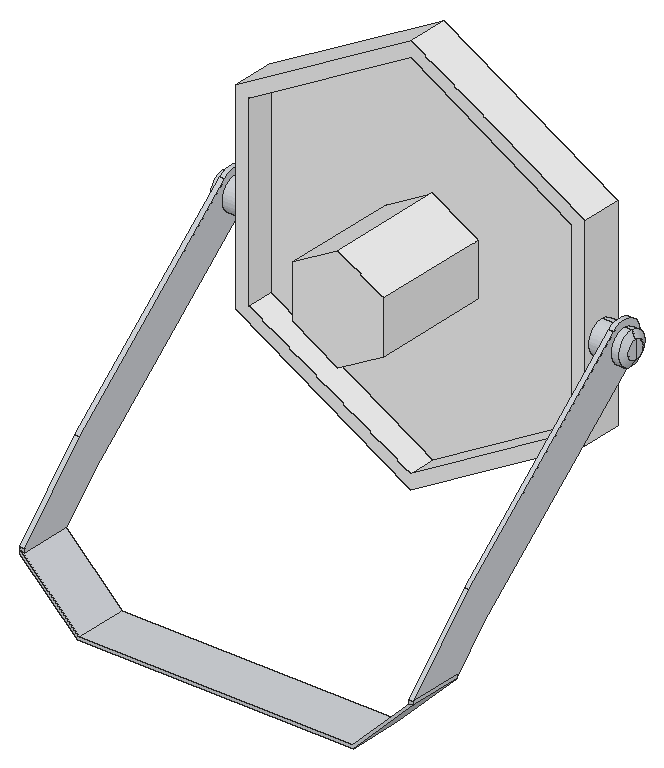
Revit family "Lighting-Floodlights-GEWISS-ESALITE-FL-LED_12K_DALI", category Apparecchi per illuminazione, host Superficie, Revit 2019 (continued)
Types (12, lengths in mm): name | Versions | Technical sheet | Optic | Nominal flux (lm) | built-in parameter 1150142 | Modello | Lumen output (lm) | IDT | File diagramma fotometrico | Descrizione | Colour temperature:
  GWS6423GD30K - ESALITE 12K 60° 3000K PRO+V GR.DALI | "3000K warm light" | "https://www.gewiss.com/ww/en/search?q=GWS6423GD30K" | "60°" | "14000" | "IESNA:LM-63-2002\r\n[TEST] GWS6423GD30K\r\n[TESTLAB] GEWISS\r\n[TESTDATE] 31 Aug 2018\r\n[ISSUEDATE] 31 Aug 2018\r\n[MANUFAC] GEWISS\r\n[LUMCAT] GWS6423GD30K\r\n[LUMINAIRE] ESALITE FL 12K+GLAS 60° GR. DALI LED830\r\n[FLASHAREA] 0.030706\r\n[LAMPCAT] LED 112W/3000K - 11100lm\r\n[LAMP] LED 112W/3000K - 11100lm\r\nTILT=NONE\r\n1 11100.00 1.0 39 19 1 2 -0.402 -0.402 0.000\r\n1.00 1.00 112.00\r\n0.00 1.00 2.00 3.00 4.00 5.00 6.00 7.00 8.00 9.00 10.00 \r\n11.00 12.00 13.00 14.00 15.00 16.00 17.00 18.00 19.00 \r\n20.00 22.50 25.00 27.50 30.00 32.50 35.00 37.50 40.00 \r\n45.00 50.00 55.00 60.00 65.00 70.00 75.00 80.00 85.00 \r\n90.00 \r\n0.00 5.00 10.00 15.00 20.00 25.00 30.00 35.00 40.00 45.00 \r\n50.00 55.00 60.00 65.00 70.00 75.00 80.00 85.00 90.00 \r\n8018.53 8007.76 7978.79 7947.49 7946.38 7996.11 8102.67 \r\n8245.30 8398.93 8576.64 8761.56 8954.92 9139.74 9339.21 \r\n9537.34 9751.24 9979.68 10223.88 10504.26 10794.19 \r\n11044.17 10790.09 8519.25 5176.60 3342.54 2126.87 1281.94 \r\n1147.63 1112.44 1026.93 895.06 824.11 746.97 671.54 \r\n581.35 610.86 435.31 99.65 2.80 \r\n8018.53 8009.09 7980.35 7949.93 7947.05 7998.10 8105.55 \r\n8247.74 8401.81 8582.41 8769.33 8963.58 9147.51 9345.31 \r\n9544.22 9758.79 9990.22 10235.98 10516.47 10807.74 \r\n11058.04 10794.53 8502.93 5152.62 3332.33 2113.88 1272.84 \r\n1139.53 1103.17 1004.02 876.91 817.69 742.20 666.30 \r\n577.26 606.94 438.07 101.04 2.78 \r\n8018.53 8008.43 7980.79 7949.60 7948.49 7998.88 8105.11 \r\n8247.97 8404.48 8582.08 8771.66 8964.80 9149.62 9347.64 \r\n9547.33 9762.12 9993.11 10240.30 10519.91 10813.18 \r\n11066.37 10810.51 8522.25 5169.94 3338.88 2124.65 1274.95 \r\n1141.08 1105.33 1002.51 874.61 817.68 742.80 666.73 \r\n576.61 602.84 441.56 91.10 2.77 \r\n8018.53 8007.10 7981.01 7948.15 7946.38 7996.22 8100.67 \r\n8243.86 8399.92 8579.63 8767.78 8961.36 9145.29 9341.87 \r\n9541.00 9753.46 9985.34 10231.09 10510.92 10804.74 \r\n11059.60 10807.40 8515.36 5167.27 3342.76 2133.09 1280.72 \r\n1147.07 1112.66 1010.99 883.70 824.15 748.71 670.46 \r\n576.13 588.60 420.07 92.84 2.78 \r\n8018.53 8008.32 7981.90 7950.60 7949.26 8000.21 8105.77 \r\n8250.30 8406.92 8587.63 8777.21 8968.13 9151.84 9348.09 \r\n9546.78 9758.56 9989.67 10235.75 10515.36 10813.18 \r\n11072.58 10814.84 8504.04 5159.61 3342.99 2129.76 1274.72 \r\n1141.86 1111.89 1037.51 899.57 830.48 741.66 667.07 \r\n571.58 566.17 367.70 80.75 2.69 \r\n8018.53 8005.99 7978.79 7947.38 7944.49 7994.89 8098.67 \r\n8241.75 8399.81 8579.75 8768.11 8958.25 9141.74 9336.65 \r\n9534.68 9744.80 9974.90 10221.99 10504.15 10805.07 \r\n11066.92 10818.95 8511.70 5172.27 3352.87 2138.97 1282.49 \r\n1148.96 1121.54 1059.01 913.44 837.12 743.30 671.45 \r\n570.97 559.90 356.61 63.39 2.67 \r\n8018.53 8008.87 7981.12 7950.26 7947.27 7997.22 8102.67 \r\n8245.52 8404.14 8585.07 8773.22 8963.92 9147.29 9340.87 \r\n9536.34 9745.02 9975.46 10225.76 10508.59 10809.62 \r\n11072.80 10818.50 8499.82 5165.94 3347.20 2135.31 1278.94 \r\n1146.19 1117.88 1038.25 901.43 832.44 740.71 668.64 \r\n568.23 558.67 362.70 62.35 2.57 \r\n8018.53 8009.65 7983.12 7951.82 7948.38 7999.44 8106.11 \r\n8251.52 8410.80 8592.95 8780.43 8972.13 9154.17 9345.87 \r\n9541.23 9748.69 9980.45 10229.09 10515.14 10816.84 \r\n11080.13 10825.72 8499.27 5169.05 3351.42 2133.64 1278.39 \r\n1147.30 1121.77 1060.94 915.12 835.40 741.55 671.04 \r\n570.31 561.97 362.23 62.68 2.53 \r\n8018.53 8008.87 7980.57 7949.15 7944.94 7996.77 8104.78 \r\n8249.52 8412.47 8593.40 8782.88 8975.35 9156.28 9345.76 \r\n9538.78 9745.13 9976.13 10227.65 10512.48 10817.73 \r\n11085.68 10833.60 8505.49 5175.38 3358.42 2130.64 1274.39 \r\n1143.86 1116.88 1043.04 904.11 831.71 741.34 669.25 \r\n574.05 569.16 376.37 76.68 2.39 \r\n8018.53 8011.43 7983.23 7952.04 7947.93 7999.33 8106.55 \r\n8255.18 8418.80 8600.39 8790.98 8981.56 9161.27 9349.97 \r\n9540.56 9744.36 9975.24 10225.32 10510.26 10813.84 \r\n11080.35 10825.83 8488.50 5161.06 3357.86 2128.31 1270.73 \r\n1141.19 1109.81 1006.97 879.48 816.72 740.94 667.20 \r\n576.80 591.54 414.27 91.71 2.27 \r\n8018.53 8011.31 7984.67 7951.37 7948.27 7999.66 8109.88 \r\n8259.40 8424.01 8609.94 8803.08 8993.22 9173.71 9361.52 \r\n9551.00 9755.12 9987.00 10236.53 10522.91 10828.83 \r\n11095.89 10839.59 8493.05 5163.05 3369.85 2135.86 1276.83 \r\n1147.41 1114.88 1008.37 880.52 819.36 741.97 668.82 \r\n582.35 609.62 442.05 88.47 2.14 \r\n8018.53 8011.31 7981.79 7949.71 7945.60 7997.66 8107.88 \r\n8258.51 8424.79 8613.49 8806.30 8996.11 9177.48 9365.40 \r\n9555.21 9757.12 9988.11 10236.64 10522.58 10828.49 \r\n11096.11 10841.81 8498.27 5170.27 3376.84 2138.08 1276.17 \r\n1147.30 1114.99 1010.53 883.10 820.22 741.50 668.04 \r\n582.23 611.57 437.56 97.85 1.97 \r\n8018.53 8010.09 7981.79 7949.15 7943.60 7995.33 8106.00 \r\n8257.62 8425.68 8613.49 8807.41 8997.22 9177.92 9364.07 \r\n9553.22 9753.13 9981.45 10229.54 10516.25 10825.27 \r\n11095.23 10823.50 8473.41 5149.40 3375.18 2130.64 1271.73 \r\n1143.97 1113.88 1025.94 893.26 817.80 738.56 667.08 \r\n581.88 613.95 429.31 95.78 1.79 \r\n8018.53 8010.20 7983.01 7950.49 7945.16 8000.10 8111.21 \r\n8262.62 8432.78 8621.48 8815.73 9007.43 9187.80 9374.17 \r\n9563.54 9766.78 9994.77 10243.30 10532.12 10844.48 \r\n11116.65 10833.27 8482.62 5154.62 3384.39 2129.98 1269.84 \r\n1142.86 1111.11 1008.78 879.60 814.83 738.28 665.41 \r\n580.95 609.70 437.54 96.90 1.61 \r\n8018.53 8010.20 7982.56 7948.82 7944.71 7997.77 8107.55 \r\n8262.40 8431.67 8621.37 8817.73 9009.76 9189.80 9376.50 \r\n9563.76 9764.89 9992.55 10240.08 10530.35 10842.26 \r\n11116.65 10835.26 8484.51 5151.07 3387.50 2124.65 1262.85 \r\n1137.53 1105.38 1005.53 875.72 813.09 737.92 664.91 \r\n579.73 605.88 444.80 88.13 1.41 \r\n8018.53 8008.87 7981.79 7946.82 7942.60 7995.66 8107.77 \r\n8263.40 8433.34 8624.48 8819.73 9014.42 9195.24 9383.94 \r\n9571.97 9775.66 10003.54 10249.52 10544.89 10860.13 \r\n11134.41 10852.58 8504.15 5166.05 3403.70 2131.64 1260.63 \r\n1135.42 1102.47 1008.57 878.28 813.72 738.55 665.43 \r\n574.48 588.17 415.11 91.82 1.23 \r\n8018.53 8010.76 7982.45 7945.82 7942.83 7996.55 8108.55 \r\n8263.28 8434.22 8624.37 8818.73 9012.42 9191.80 9378.28 \r\n9565.42 9770.66 10001.10 10249.74 10542.78 10854.47 \r\n11125.53 10831.27 8484.95 5152.29 3406.81 2127.98 1254.63 \r\n1132.42 1104.44 1043.98 898.60 826.98 736.17 667.98 \r\n571.33 563.25 390.23 76.39 1.08 \r\n8018.53 8012.53 7984.12 7947.82 7945.38 7999.66 8109.66 \r\n8266.73 8437.00 8629.81 8823.72 9018.31 9196.57 9383.27 \r\n9571.86 9776.66 10005.65 10255.84 10548.33 10862.57 \r\n11133.30 10842.15 8496.27 5157.95 3412.14 2130.64 1256.19 \r\n1134.86 1108.79 1063.41 912.40 832.37 735.87 670.50 \r\n571.72 557.99 378.27 63.08 0.98 \r\n8018.53 8011.20 7983.12 7945.27 7942.72 7995.11 8107.33 \r\n8263.62 8435.78 8627.59 8821.84 9016.09 9193.13 9380.05 \r\n9568.20 9773.44 10003.10 10251.07 10544.22 10859.35 \r\n11131.08 10842.37 8513.03 5172.27 3419.02 2135.42 1261.74 \r\n1140.08 1113.33 1042.90 906.43 832.52 739.82 671.05 \r\n569.06 551.78 352.50 63.84 0.95 \r\n" | "GWS6423GD30K" | "11100" | "e54bb8db7f6148bb8b6b40bbaf769a9b" | "GWS6423GD30K.IES" | "ESALITE 12K 60° 3000K PRO+V GR.DALI" | "3000 K (CRI>80)"
  GWS6423GD57K - ESALITE 12K 60° 5700K PRO+V GR.DALI | "5700K cold light" | "https://www.gewiss.com/ww/en/search?q=GWS6423GD57K" | "60°" | "15000" | "IESNA:LM-63-2002\r\n[TEST] GWS6423GD57K\r\n[TESTLAB] GEWISS\r\n[TESTDATE] 31 Aug 2018\r\n[ISSUEDATE] 31 Aug 2018\r\n[MANUFAC] GEWISS\r\n[LUMCAT] GWS6423GD57K\r\n[LUMINAIRE] ESALITE FL 12K+GLAS 60° GR. DALI LED857\r\n[FLASHAREA] 0.030706\r\n[LAMPCAT] LED 112W/5700K - 11900lm\r\n[LAMP] LED 112W/5700K - 11900lm\r\nTILT=NONE\r\n1 11900.00 1.0 39 19 1 2 -0.402 -0.402 0.000\r\n1.00 1.00 112.00\r\n0.00 1.00 2.00 3.00 4.00 5.00 6.00 7.00 8.00 9.00 10.00 \r\n11.00 12.00 13.00 14.00 15.00 16.00 17.00 18.00 19.00 \r\n20.00 22.50 25.00 27.50 30.00 32.50 35.00 37.50 40.00 \r\n45.00 50.00 55.00 60.00 65.00 70.00 75.00 80.00 85.00 \r\n90.00 \r\n0.00 5.00 10.00 15.00 20.00 25.00 30.00 35.00 40.00 45.00 \r\n50.00 55.00 60.00 65.00 70.00 75.00 80.00 85.00 90.00 \r\n8596.44 8584.90 8553.84 8520.28 8519.09 8572.40 8686.64 \r\n8839.56 9004.25 9194.77 9393.03 9600.33 9798.46 10012.30 \r\n10224.72 10454.03 10698.93 10960.73 11261.33 11572.16 \r\n11840.14 11567.75 9133.25 5549.68 3583.45 2280.16 1374.33 \r\n1230.34 1192.62 1100.94 959.57 883.50 800.81 719.94 \r\n623.25 654.88 466.68 106.83 3.00 \r\n8596.44 8586.33 8555.51 8522.90 8519.81 8574.55 8689.74 \r\n8842.18 9007.35 9200.96 9401.36 9609.61 9806.79 10018.85 \r\n10232.10 10462.12 10710.24 10973.70 11274.42 11586.67 \r\n11855.02 11572.51 9115.76 5523.98 3572.50 2266.24 1364.57 \r\n1221.65 1182.68 1076.38 940.11 876.63 795.69 714.32 \r\n618.86 650.68 469.65 108.32 2.98 \r\n8596.44 8585.61 8555.98 8522.54 8521.35 8575.38 8689.26 \r\n8842.41 9010.20 9200.60 9403.86 9610.92 9809.05 10021.35 \r\n10235.43 10465.69 10713.33 10978.34 11278.11 11592.50 \r\n11863.94 11589.65 9136.46 5542.54 3579.52 2277.78 1366.83 \r\n1223.32 1184.99 1074.76 937.65 876.61 796.34 714.79 \r\n618.17 646.29 473.38 97.67 2.97 \r\n8596.44 8584.18 8556.22 8520.99 8519.09 8572.52 8684.50 \r\n8838.01 9005.33 9197.99 9399.69 9607.23 9804.41 10015.16 \r\n10228.65 10456.41 10705.00 10968.47 11268.47 11583.46 \r\n11856.68 11586.32 9129.08 5539.69 3583.68 2286.82 1373.02 \r\n1229.75 1192.86 1083.85 947.39 883.55 802.67 718.78 \r\n617.66 631.02 450.34 99.53 2.98 \r\n8596.44 8585.49 8557.17 8523.61 8522.18 8576.81 8689.98 \r\n8844.91 9012.82 9206.55 9409.81 9614.49 9811.43 10021.82 \r\n10234.83 10461.89 10709.64 10973.47 11273.23 11592.50 \r\n11870.61 11594.29 9116.95 5531.48 3583.92 2283.25 1366.60 \r\n1224.15 1192.02 1112.28 964.40 890.33 795.11 715.14 \r\n612.78 606.97 394.20 86.57 2.89 \r\n8596.44 8582.99 8553.84 8520.16 8517.07 8571.09 8682.36 \r\n8835.75 9005.21 9198.11 9400.05 9603.90 9800.60 10009.57 \r\n10221.86 10447.13 10693.82 10958.71 11261.21 11583.82 \r\n11864.54 11598.69 9125.16 5545.04 3594.51 2293.13 1374.93 \r\n1231.77 1202.38 1135.33 979.27 897.45 796.87 719.84 \r\n612.12 600.25 382.31 67.96 2.86 \r\n8596.44 8586.09 8556.34 8523.26 8520.04 8573.59 8686.64 \r\n8839.80 9009.85 9203.82 9405.52 9609.96 9806.55 10014.09 \r\n10223.65 10447.37 10694.41 10962.76 11265.97 11588.70 \r\n11870.84 11598.22 9112.43 5538.26 3588.45 2289.20 1371.12 \r\n1228.79 1198.45 1113.08 966.40 892.44 794.10 716.83 \r\n609.18 598.94 388.84 66.84 2.76 \r\n8596.44 8586.92 8558.48 8524.92 8521.23 8575.97 8690.33 \r\n8846.22 9016.99 9212.27 9413.26 9618.77 9813.93 10019.44 \r\n10228.88 10451.29 10699.77 10966.33 11272.99 11596.43 \r\n11878.70 11605.95 9111.83 5541.59 3592.97 2287.42 1370.52 \r\n1229.98 1202.61 1137.40 981.07 895.61 794.99 719.40 \r\n611.41 602.47 388.33 67.20 2.71 \r\n8596.44 8586.09 8555.74 8522.07 8517.54 8573.12 8688.90 \r\n8844.08 9018.77 9212.74 9415.88 9622.22 9816.19 10019.32 \r\n10226.27 10447.49 10695.13 10964.78 11270.13 11597.38 \r\n11884.65 11614.40 9118.49 5548.38 3600.46 2284.20 1366.24 \r\n1226.30 1197.38 1118.22 969.27 891.66 794.77 717.49 \r\n615.42 610.18 403.49 82.20 2.57 \r\n8596.44 8588.83 8558.60 8525.16 8520.76 8575.85 8690.81 \r\n8850.15 9025.56 9220.24 9424.56 9628.89 9821.55 10023.85 \r\n10228.17 10446.65 10694.17 10962.28 11267.75 11593.22 \r\n11878.94 11606.07 9100.29 5533.02 3599.87 2281.71 1362.31 \r\n1223.44 1189.80 1079.54 942.86 875.58 794.34 715.29 \r\n618.37 634.17 444.13 98.32 2.43 \r\n8596.44 8588.71 8560.15 8524.45 8521.11 8576.21 8694.38 \r\n8854.67 9031.15 9230.47 9437.53 9641.38 9834.87 10036.22 \r\n10239.36 10458.20 10706.79 10974.30 11281.32 11609.28 \r\n11895.60 11620.83 9105.17 5535.17 3612.72 2289.80 1368.86 \r\n1230.10 1195.24 1081.04 943.98 878.41 795.44 717.02 \r\n624.32 653.56 473.91 94.84 2.30 \r\n8596.44 8588.71 8557.05 8522.66 8518.26 8574.07 8692.24 \r\n8853.72 9031.98 9234.28 9440.98 9644.47 9838.92 10040.39 \r\n10243.88 10460.34 10707.98 10974.42 11280.96 11608.93 \r\n11895.84 11623.21 9110.76 5542.90 3620.22 2292.18 1368.14 \r\n1229.98 1195.36 1083.36 946.75 879.34 794.94 716.19 \r\n624.19 655.64 469.10 104.90 2.12 \r\n8596.44 8587.40 8557.05 8522.07 8516.12 8571.57 8690.21 \r\n8852.77 9032.93 9234.28 9442.17 9645.66 9839.40 10038.96 \r\n10241.74 10456.05 10700.84 10966.80 11274.18 11605.48 \r\n11894.88 11603.57 9084.10 5520.53 3618.43 2284.20 1363.38 \r\n1226.41 1194.16 1099.88 957.64 876.74 791.79 715.15 \r\n623.82 658.20 460.26 102.68 1.92 \r\n8596.44 8587.52 8558.36 8523.49 8517.78 8576.69 8695.81 \r\n8858.12 9040.55 9242.85 9451.10 9656.61 9849.99 10049.79 \r\n10252.80 10470.69 10715.12 10981.56 11291.20 11626.06 \r\n11917.85 11614.04 9093.98 5526.12 3628.31 2283.49 1361.36 \r\n1225.22 1191.19 1081.48 942.99 873.56 791.49 713.37 \r\n622.82 653.64 469.07 103.88 1.73 \r\n8596.44 8587.52 8557.89 8521.71 8517.31 8574.19 8691.88 \r\n8857.88 9039.36 9242.73 9453.24 9659.11 9852.13 10052.29 \r\n10253.04 10468.67 10712.74 10978.11 11289.29 11623.68 \r\n11917.85 11616.18 9096.00 5522.31 3631.64 2277.78 1353.86 \r\n1219.51 1185.05 1078.00 938.84 871.69 791.10 712.83 \r\n621.51 649.55 476.86 94.48 1.52 \r\n8596.44 8586.09 8557.05 8519.57 8515.05 8571.93 8692.12 \r\n8858.95 9041.14 9246.06 9455.38 9664.11 9857.96 10060.26 \r\n10261.85 10480.21 10724.52 10988.22 11304.88 11642.84 \r\n11936.89 11634.75 9117.07 5538.38 3649.02 2285.28 1351.48 \r\n1217.25 1181.93 1081.26 941.58 872.37 791.78 713.39 \r\n615.88 630.56 445.02 98.43 1.32 \r\n8596.44 8588.11 8557.77 8518.50 8515.28 8572.88 8692.95 \r\n8858.84 9042.10 9245.94 9454.31 9661.97 9854.27 10054.19 \r\n10254.83 10474.86 10721.90 10988.46 11302.62 11636.77 \r\n11927.37 11611.90 9096.48 5523.62 3652.35 2281.35 1345.06 \r\n1214.04 1184.04 1119.22 963.36 886.59 789.23 716.12 \r\n612.50 603.84 418.36 81.90 1.16 \r\n8596.44 8590.02 8559.55 8520.64 8518.02 8576.21 8694.14 \r\n8862.52 9045.07 9251.77 9459.67 9668.27 9859.39 10059.55 \r\n10261.73 10481.28 10726.78 10995.01 11308.57 11645.46 \r\n11935.70 11623.56 9108.62 5529.69 3658.06 2284.20 1346.72 \r\n1216.66 1188.70 1140.06 978.16 892.36 788.91 718.82 \r\n612.92 598.20 405.53 67.62 1.05 \r\n8596.44 8588.59 8558.48 8517.90 8515.16 8571.33 8691.64 \r\n8859.19 9043.76 9249.39 9457.64 9665.89 9855.70 10056.09 \r\n10257.80 10477.83 10724.04 10989.89 11304.17 11642.01 \r\n11933.32 11623.80 9126.59 5545.04 3665.44 2289.32 1352.67 \r\n1222.25 1193.57 1118.06 971.75 892.52 793.14 719.41 \r\n610.08 591.55 377.91 68.45 1.02 \r\n" | "GWS6423GD57K" | "11900" | "72afa88b942d42eeaee12b3424212cd3" | "GWS6423GD57K.IES" | "ESALITE 12K 60° 5700K PRO+V GR.DALI" | "5700 K (CRI>80)"
  GWS6424GD - ESALITE 12K 90° 4000K PRO+V GR.DALI | "4000K natural light" | "https://www.gewiss.com/ww/en/search?q=GWS6424GD" | "90°" | "15000" | "IESNA:LM-63-2002\r\n[TEST] GWS6424GD\r\n[TESTLAB] GEWISS\r\n[TESTDATE] 31 Aug 2018\r\n[ISSUEDATE] 31 Aug 2018\r\n[MANUFAC] GEWISS\r\n[LUMCAT] GWS6424GD\r\n[LUMINAIRE] ESALITE FL 12K+GLAS 90° GR. DALI LED840\r\n[FLASHAREA] 0.030706\r\n[LAMPCAT] LED 112W/4000K - 12700lm\r\n[LAMP] LED 112W/4000K - 12700lm\r\nTILT=NONE\r\n1 12700.00 1.0 28 19 1 2 -0.402 -0.402 0.000\r\n1.00 1.00 112.00\r\n0.00 2.50 5.00 7.50 10.00 12.50 15.00 17.50 20.00 22.50 \r\n25.00 27.50 30.00 32.50 35.00 37.50 40.00 42.50 45.00 \r\n50.00 55.00 60.00 65.00 70.00 75.00 80.00 85.00 90.00 \r\n0.00 5.00 10.00 15.00 20.00 25.00 30.00 35.00 40.00 45.00 \r\n50.00 55.00 60.00 65.00 70.00 75.00 80.00 85.00 90.00 \r\n7335.01 7316.85 7318.50 7365.75 7459.73 7555.86 7547.74 \r\n7468.11 7369.05 7276.34 7169.40 7041.52 6874.51 6640.96 \r\n6327.77 5861.81 4719.70 2518.79 1098.78 622.40 661.91 \r\n543.50 465.99 365.90 247.29 124.37 39.99 0.76 \r\n7335.01 7319.64 7322.69 7375.65 7475.47 7567.04 7567.17 \r\n7486.02 7386.32 7291.70 7184.01 7049.13 6879.97 6641.34 \r\n6322.31 5850.13 4700.78 2502.66 1090.26 610.88 687.16 \r\n539.99 463.22 363.37 243.75 127.89 39.25 0.75 \r\n7335.01 7316.22 7316.98 7368.16 7472.55 7565.01 7564.37 \r\n7482.71 7386.19 7292.34 7188.07 7056.50 6884.16 6651.63 \r\n6334.89 5861.94 4720.34 2515.87 1091.63 608.43 605.40 \r\n536.33 461.58 360.97 237.57 123.73 37.46 0.74 \r\n7335.01 7315.45 7320.03 7368.54 7476.62 7567.04 7564.37 \r\n7481.82 7381.62 7287.89 7182.48 7055.99 6882.38 6651.12 \r\n6334.13 5860.41 4716.53 2518.16 1093.72 614.55 619.32 \r\n543.28 464.93 359.19 230.67 119.72 38.49 0.73 \r\n7335.01 7316.22 7319.90 7369.05 7484.49 7574.28 7571.99 \r\n7487.67 7382.51 7290.94 7187.82 7056.75 6885.56 6652.01 \r\n6335.39 5860.54 4714.49 2516.38 1088.59 632.45 1014.74 \r\n541.87 463.12 347.65 222.44 110.63 33.28 0.71 \r\n7335.01 7312.28 7313.42 7363.46 7482.59 7571.10 7566.15 \r\n7478.39 7379.59 7289.93 7186.55 7056.25 6884.67 6652.26 \r\n6340.60 5867.65 4726.05 2523.36 1092.83 649.87 984.45 \r\n548.68 466.45 338.52 219.02 99.61 30.00 0.70 \r\n7335.01 7312.15 7311.26 7368.29 7491.98 7581.52 7570.72 \r\n7482.97 7381.24 7288.78 7187.95 7055.10 6882.00 6648.20 \r\n6337.68 5863.84 4714.37 2511.68 1085.52 655.83 757.22 \r\n548.14 464.16 332.19 216.26 90.23 29.55 0.68 \r\n7335.01 7308.47 7304.66 7366.89 7497.06 7585.84 7577.33 \r\n7480.43 7381.11 7293.99 7191.76 7057.39 6881.11 6651.24 \r\n6343.40 5872.73 4723.64 2519.30 1088.91 657.66 888.06 \r\n549.27 467.06 338.92 219.62 100.47 29.81 0.66 \r\n7335.01 7307.71 7303.13 7368.29 7509.64 7598.92 7582.15 \r\n7485.00 7386.70 7300.60 7195.69 7062.72 6890.13 6662.67 \r\n6352.54 5882.77 4732.40 2521.71 1085.09 640.79 932.10 \r\n542.66 464.93 349.02 224.13 112.16 33.62 0.63 \r\n7335.01 7301.36 7297.04 7366.00 7510.91 7604.25 7582.03 \r\n7476.87 7376.16 7285.86 7182.48 7049.90 6873.88 6648.45 \r\n6341.11 5870.70 4724.78 2518.66 1080.22 611.02 606.72 \r\n539.95 462.46 357.99 229.54 118.65 38.36 0.61 \r\n7335.01 7302.88 7295.13 7371.21 7523.10 7623.94 7594.35 \r\n7484.24 7389.37 7302.25 7199.38 7067.68 6895.34 6674.61 \r\n6366.64 5891.02 4739.00 2521.97 1082.84 613.17 605.64 \r\n540.32 464.39 363.88 239.46 124.42 38.11 0.60 \r\n7335.01 7299.20 7292.72 7375.14 7531.35 7631.18 7595.87 \r\n7481.57 7381.62 7293.36 7195.31 7063.99 6884.42 6662.93 \r\n6355.21 5884.16 4736.46 2523.87 1083.08 613.84 667.09 \r\n542.70 464.50 365.39 245.20 127.72 39.85 0.59 \r\n7335.01 7296.66 7295.13 7385.30 7546.72 7642.61 7600.44 \r\n7480.81 7382.51 7299.96 7200.39 7065.90 6887.08 6662.04 \r\n6350.64 5876.67 4721.48 2508.63 1076.16 616.83 662.84 \r\n541.64 463.80 365.24 247.74 123.67 40.12 0.58 \r\n7335.01 7291.45 7290.94 7384.92 7549.77 7644.64 7597.52 \r\n7473.82 7378.70 7296.66 7197.60 7062.72 6888.73 6665.98 \r\n6355.71 5883.91 4729.23 2514.60 1075.16 610.92 689.69 \r\n540.75 463.08 364.17 244.81 128.46 39.44 0.57 \r\n7335.01 7287.64 7291.32 7394.96 7558.66 7655.81 7598.28 \r\n7474.20 7380.60 7297.42 7199.25 7066.53 6889.62 6662.04 \r\n6351.27 5880.48 4729.23 2517.39 1073.61 607.57 601.40 \r\n536.77 461.09 361.40 238.32 123.83 37.73 0.59 \r\n7335.01 7290.05 7289.93 7397.88 7562.85 7663.43 7600.44 \r\n7478.65 7388.61 7307.07 7211.31 7077.71 6902.45 6675.75 \r\n6366.38 5891.53 4736.72 2527.43 1077.18 610.41 628.50 \r\n539.71 461.85 357.48 229.98 119.47 38.48 0.59 \r\n7335.01 7286.37 7289.16 7399.65 7568.31 7662.16 7596.50 \r\n7469.38 7377.30 7296.78 7202.04 7065.14 6891.27 6664.71 \r\n6355.21 5880.86 4722.49 2521.59 1076.95 631.23 1176.25 \r\n540.70 463.12 347.54 223.23 111.44 33.91 0.60 \r\n7335.01 7286.24 7286.75 7403.34 7572.12 7669.15 7600.82 \r\n7470.52 7380.60 7303.77 7204.07 7067.93 6892.67 6664.71 \r\n6359.91 5881.75 4727.45 2522.98 1079.30 643.65 1080.24 \r\n547.90 464.72 336.79 218.74 99.52 30.03 0.61 \r\n7335.01 7291.32 7291.32 7405.24 7576.06 7670.16 7594.73 \r\n7468.87 7377.43 7297.93 7194.68 7056.88 6879.46 6648.96 \r\n6349.62 5876.80 4729.86 2533.78 1087.44 657.48 749.76 \r\n551.79 468.21 333.91 218.67 90.86 30.32 0.61 \r\n" | "GWS6424GD" | "12700" | "95551d187bff4046923e5b1318b82e94" | "GWS6424GD.IES" | "ESALITE 12K 90° 4000K PRO+V GR.DALI" | "4000 K (CRI>80)"
